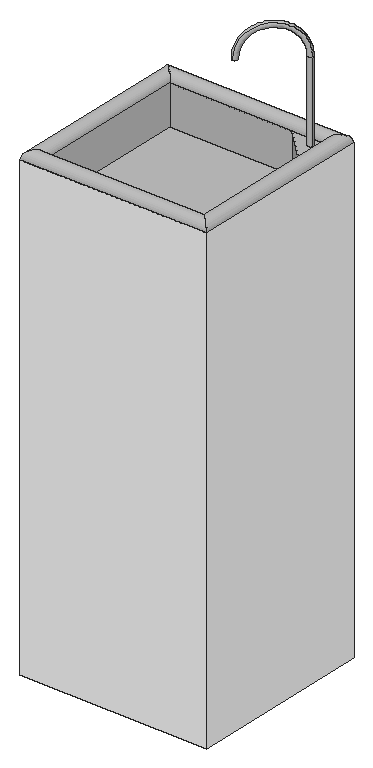
Revit family
Parameters (values of type "140 glass capacity")
  Type Comments = "140 glasses per hour capacity"
  Description = "Free standing Water Cooler"
Reference planes
  plane 1 "Center (Front/Back)": y = 0
  plane 2: z = 0
  plane 3 "Center (Left/Right)": x = 0
  plane 4: through (0, 0, 0) normal (-0.7011, 0.713, 0)
Forms (mm)
  Extrusion 1, solid, material "Water Cooler Tank"
    sketch origin (0, 0, 0) x (1, 0, 0) y (0, 1, 0)
      loop
        line (-179.5, -177) -> (179.5, -177) -> (179.5, 177) -> (-179.5, 177) -> (-179.5, -177)
    from 10 to 900
  Sweep 2, solid, material "Water Cooler - Stainless Steel"
    path in 3D
      loop
        line (-179.5, 177, 900) -> (-179.5, -177, 900) -> (179.5, -177, 900) -> (179.5, 177, 900) -> (-179.5, 177, 900)
    profile origin (0, 177, 900) x (0, -1, 0) y (0, 0, 1)
      loop
        line (0, 0) -> (30, 0)
        arc (30, 0) -> (15, 15) -> (0, 0) r 15
  Extrusion 3, void
    sketch origin (0, 0, 0) x (1, 0, 0) y (0, 1, 0)
      loop
        line (149.5, -147) -> (149.5, 82) -> (84.5, 147) -> (-149.5, 147) -> (-149.5, -147) -> (149.5, -147)
    from 824.239 to 900
  Sweep 4, solid, material "Water Cooler - Stainless Steel"
    path origin (0, 0, 0) x (-0.713044, -0.70112, 0) y (0, 0, 1)
      loop
        line (-186.878, 900) -> (-186.878, 1055)
        arc (-186.878, 1055) -> (-129.617, 1112.261) -> (-72.355, 1055) r 57.261
    profile origin (133.252, 131.024, 977.5) x (0.713044, 0.70112, 0) y (-0.70112, 0.713044, 0)
      loop
        circle (0, 0) r 5
Cuts and joins
  Extrusion 3 cuts Extrusion 1
  Extrusion 3 cuts Sweep 2
Lines and regions (mm)
  sketch lines
    curve 1: line (179.5, 177, 900) -> (-179.5, 177, 900)
    curve 2: line (179.5, -177, 900) -> (179.5, 177, 900)
    curve 3: line (-179.5, -177, 900) -> (179.5, -177, 900)
    curve 4: line (-179.5, 177, 900) -> (-179.5, -177, 900)
Dimensions and locks
  aligned and locked: cut or joined group of Sweep 2, Extrusion 3 to Extrusion 3 sketch curve  (x2)
  aligned and locked: Extrusion 3 sketch curve to cut or joined group of Sweep 2, Extrusion 3  (x2)
